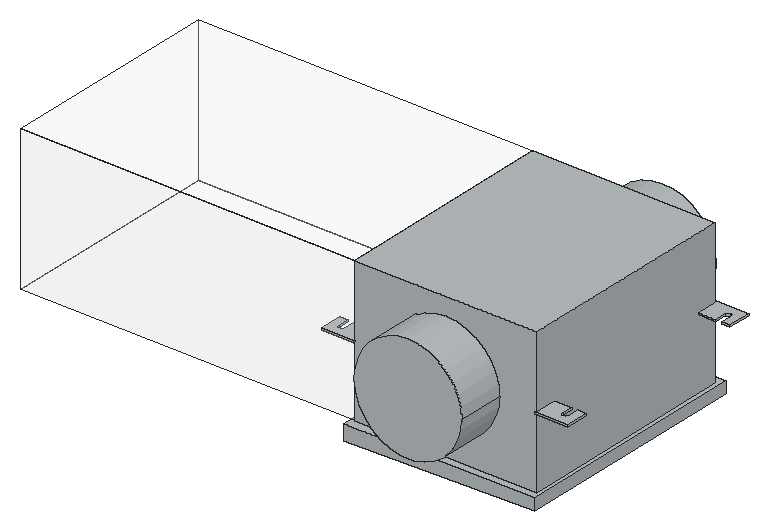
Revit family "8_天吊埋込タイプ 厨房用 単相100V_3相200V", category 機械設備, Revit 2019
Family settings
  丸型コネクタ寸法 = 直径を使用
  パーツ タイプ = 割り込み
  OmniClass 番号 = 23.75.35.17.24
  OmniClass タイトル = Axial Fans
  作業面ベース = いいえ
  常に垂直 = はい
  ロード時にボイドで切り取り = いいえ
  共有 = いいえ
  部屋計算ポイント = はい
Parameters (values of type "BFS-50SXA")
  騒音レベル(dB(A))_吸込 = 47
  騒音レベル(dB(A))_吐出 = 48.5
  騒音レベル(dB(A))_側面 = 29
  騒音レベル(dB(A)) = 48.5
  風量 [instance] = 設計風量  # 0.0 m³/h
  電源種別 [instance] = "一般"
  電圧 = 100 V
  電動機出力 = 55 W
  電動機_種別 [instance] = ""
  運転質量 = 0.00 kg
  連動 [instance] = ""
  質量 = if(製品質量 > 運転質量, 製品質量, 運転質量) * 1.2  # 14.40 kg
  負荷分類 = 3_ファン類
  説明 = "ストレートシロッコファン厨房用"
  設計風量 [instance] = 0.0 m³/h
  設置方法 = "天吊"
  記号 [instance] = ""
  製造元 = "三菱電機株式会社"
  製品質量 = 12.00 kg
  製品出荷対象 = "国内"
  製品リリース年月 = "2019年6月20日"
  製品グループ = ""
  系統 [instance] = ""
  符号 [instance] = if(☑給気／□排気, "FS", "FE")  # "FE"
  積算_科目 = "2 換気設備"
  積算_拾い区分 [instance] = ""
  相 = 1
  盤記号 [instance] = ""
  盤工事区分 = "電気工事"
  発停方法 [instance] = "別売スイッチ"
  番手 = "#1 1/4"
  特殊仕様 [instance] = ""
  火災停止 = ""
  消費電力 = 90 W
  法定耐用年数 = "15"
  機外静圧 [instance] = 0.0 Pa
  極数 = 2
  極 = 4
  材質 [instance] = ""
  本体マテリアル = SUS304
  操作・制御方式 = ""
  操作・制御スイッチ = ""
  排気量 [instance] = if(☑給気／□排気, 0.0 m³/h, 設計風量)  # 0.0 m³/h
  形式 = ""
  形名 = BFS-SXA : BFS-50SXA
  幹線記号 [instance] = ""
  対象室 [instance] = ""
  実風量 = 0.0 m³/h
  始動方式 [instance] = "直入"
  外気量 [instance] = if(☑給気／□排気, 設計風量, 0.0 m³/h)  # 0.0 m³/h
  呼称 = "消音ボックス付送風機"
  周波数 = 50 Hz
  天吊金具ピッチ幅 = 401 mm
  天吊金具ピッチ奥行 = 362 mm
  参照している仕様書等のバージョン = ""
  分類コード = "50052502100020"
  分類グループ = ""
  価格 = 141000
  企業コード = "108420"
  付属品_防振装置 = ""
  付属品 [instance] = ""
  仕様書バージョン = "Version1.0"
  モデル = "BFS-50SXA"
  ファンの種類 = "多翼形"
  ドレン管径 = 18 mm  # constant formula
  ダクト径 = 200 mm
  サービススペース = yes
  コメント [instance] = ""
  Keynote = ""
  ☑給気／□排気 [instance] = no
  Width = 325 mm
  Version = ""
  Uniclass2015Version = "Systems v1.9"
  Uniclass2015Title = "Centrifugal fans"
  Uniclass2015Code = "Pr_65_67_29_12"
  URL = "https://www.mitsubishielectric.co.jp/ldg/wink/ssl/displayProduct.do?pid=300937"
  SpecificationReference = ""
  SpecificationDescription = ""
  Revision = ""
  ProductInformation = ""
  OmniClassCode = "23-33 31 19 13 15"
  MIN風量 = 0.0 m³/h
  MIN静圧 = 0.0 Pa
  MID風量 = 0.0 m³/h
  MID静圧 = 0.0 Pa
  MAX風量 = 500.0 m³/h
  MAX静圧 = 148.0 Pa
  M = 85 mm
  IfcTypeProduct = ""
  IfcProduct = ""
  IfcExportType = "CENTRIFUGALFORWARDCURVED"
  IfcExportAs = "IfcFanType"
  Height = 258.4 mm
  Depth = 399 mm
  Clearance Top = 0 mm  # constant formula
  Clearance Right = 0 mm  # constant formula
  Clearance Left = 600 mm  # constant formula
  Clearance Front = 0 mm  # constant formula
  Clearance Bottom = 0 mm  # constant formula
  Clearance Back = 0 mm  # constant formula
  Author = "三菱電機株式会社"
Types (6, lengths in mm): name | 騒音レベル(dB(A))_吸込 | 騒音レベル(dB(A))_吐出 | 騒音レベル(dB(A))_側面 | 騒音レベル(dB(A)) | 電圧 | 電動機出力 | 質量 | 製品質量 | 相 | 番手 | 消費電力 | 極数 | 本体マテリアル | 形名 | 天吊金具ピッチ幅 | 天吊金具ピッチ奥行 | 価格 | モデル | ダクト径 | Width | URL | MAX風量 | MAX静圧 | Height | Depth
  BFS-50SXA | 47 | 48.5 | 29 | 48.5 | 100 V | 55 W | 14.40 kg | 12.00 kg | 1 | "#1 1/4" | 90 W | 2 | SUS304 | BFS-SXA : BFS-50SXA | 401 | 362 | 141000 | "BFS-50SXA" | 200 | 325 | "https://www.mitsubishielectric.co.jp/ldg/wink/ssl/displayProduct.do?pid=300937" | 500.0 m³/h | 148.0 Pa | 258.4 | 399
  BFS-80SXA | 48.5 | 54 | 32 | 54 | 100 V | 110 W | 17.40 kg | 14.50 kg | 1 | "#1 1/4" | 150 W | 2 | 溶融亜鉛めっき鋼板 | BFS-SXA : BFS-80SXA | 419 | 434 | 158000 | "BFS-80SXA" | 200 | 343 | "https://www.mitsubishielectric.co.jp/ldg/wink/ssl/displayProduct.do?pid=300939" | 800.0 m³/h | 148.0 Pa | 308.4 | 472
  BFS-100SXA | 54 | 58.5 | 36 | 58.5 | 100 V | 230 W | 21.60 kg | 18.00 kg | 1 | "#1 1/2" | 240 W | 2 | 溶融亜鉛めっき鋼板 | BFS-SXA : BFS-100SXA | 469 | 452 | 173000 | "BFS-100SXA" | 200 | 393 | "https://www.mitsubishielectric.co.jp/ldg/wink/ssl/displayProduct.do?pid=300929" | 1000.0 m³/h | 179.0 Pa | 308.4 | 490
  BFS-150SXA | 61.5 | 65 | 40.5 | 65 | 100 V | 330 W | 27.60 kg | 23.00 kg | 1 | "#1 1/2" | 390 W | 2 | 溶融亜鉛めっき鋼板 | BFS-SXA : BFS-150SXA | 452 | 504 | 197000 | "BFS-150SXA" | 250 | 376 | "https://www.mitsubishielectric.co.jp/ldg/wink/ssl/displayProduct.do?pid=300931" | 1500.0 m³/h | 190.0 Pa | 353.4 | 542
  BFS-150TXA | 61 | 65 | 39.5 | 65 | 200 V | 440 W | 27.60 kg | 23.00 kg | 3 | "#1 1/2" | 355 W | 3 | 溶融亜鉛めっき鋼板 | BFS-TXA : BFS-150TXA | 452 | 504 | 197000 | "BFS-150TXA" | 250 | 376 | "https://www.mitsubishielectric.co.jp/ldg/wink/ssl/displayProduct.do?pid=300933" | 1500.0 m³/h | 222.0 Pa | 353.4 | 542
  BFS-210TXA | 65.5 | 68 | 44 | 68 | 200 V | 530 W | 29.40 kg | 24.50 kg | 3 | "#1 1/2" | 580 W | 3 | 溶融亜鉛めっき鋼板 | BFS-TXA : BFS-210TXA | 502 | 534 | 278000 | "BFS-210TXA" | 300 | 426 | "https://www.mitsubishielectric.co.jp/ldg/wink/ssl/displayProduct.do?pid=300934" | 2100.0 m³/h | 222.0 Pa | 353.4 | 572
Reference planes
  plane 1 "中心(正面/背面)": y = 0
  plane 2: z = 0
  plane 3 "中心(左/右)": x = -128
  plane 4 "左": x = -290.5
  plane 5 "右": x = 34.5
  plane 6 "背面": y = 199.5
  plane 7 "正面": y = -199.5
  plane 8: z = 129.2
  plane 9: y = 181
  plane 10: y = -181
  plane 11: x = 72.5
  plane 12: x = -328.5
  plane 13: z = -129.2
  plane 14: y = 199.5
  plane 15: y = -199.5
  plane 16: x = 34.5
  plane 17: x = -890.5
  plane 18: z = 129.2
  plane 19: z = -129.2
Dimensions and locks
  "Width": plane 4 "左" to plane 5 "右"
  equal spacing: plane 7 "正面", plane 1 "中心(正面/背面)", plane 6 "背面"
  "Depth": plane 7 "正面" to plane 6 "背面"
  equal spacing: plane 8, level, plane 13
  "Height": plane 8 to plane 13
  equal spacing: plane 10, plane 1 "中心(正面/背面)", plane 9
  "天吊金具ピッチ奥行": plane 10 to plane 9
  "天吊金具ピッチ幅": plane 12 to plane 11
  "Clearance Back": plane 6 "背面" to plane 14
  "Clearance Front": plane 15 to plane 7 "正面"
  "Clearance Right": plane 5 "右" to plane 16
  "Clearance Left": plane 17 to plane 4 "左"
  "Clearance Top": plane 18 to plane 8
  "Clearance Bottom": plane 13 to plane 19
  equal spacing: plane 12, plane 3 "中心(左/右)", plane 11
  equal spacing: plane 4 "左", plane 3 "中心(左/右)", plane 5 "右"
  aligned and locked: level to plane 2
  aligned and locked: nested 2 to plane 9
  aligned and locked: plane 10 to nested 2
  aligned and locked: plane 12 to nested 2
  aligned and locked: plane 11 to nested 2
  aligned and locked: plane 8 to nested 1
  aligned and locked: plane 17 to nested 3
  aligned and locked: plane 15 to nested 3
  aligned and locked: plane 18 to nested 3
  aligned and locked: plane 19 to nested 3
  aligned and locked: plane 1 "中心(正面/背面)" to nested 1
  aligned and locked: nested 1 to plane 3 "中心(左/右)"
  aligned and locked: plane 14 to nested 3
  aligned and locked: plane 4 "左" to nested 3
Nested families
  nested 1: "BFS-SXA" at (-128, 0, -129.2) x (0, -1, 0) z (0, 0, 1), type <- "形名", type "BFS-50SXA"
  nested 2: "固定点" at (-328.5, -181, 0), type "固定点"
    with W 401 mm, D 362 mm
  nested 3: "サービススペース" at (-590.5, 0, 0), visible <- "サービススペース", type "サービススペース"
    with Width 600 mm, Height 258.4 mm, Depth 399 mm
Connectors
  electrical at (-350.6, -95, -43.2), driven by "極数", driven by "負荷分類", driven by "電圧", driven by "消費電力"
    settings: on nested 1, index 1, voltage 100 V, apparent load 90 VA, apparent load phase1 0 VA, apparent load phase2 0 VA, apparent load phase3 0 VA, power factor 1, load classification "3_ファン類", number of poles 2, system type 30, power factor state 1, is connector primary yes, connector utility no, sub classification motor no, connector description ""
  hvac at (-128, -284.5, 1.2), driven by "ダクト径", driven by "機外静圧", driven by "風量"
    settings: on nested 1, index 2, duct flow 0.0 m³/h, flow factor 0, pres drop 0.0 Pa, loss coef 0, conn angle 0.00°, conn width 304.8 mm, conn height 304.8 mm, conn diameter 200 mm, duct sys type 29, conn prof type 0, flow config 0, flow direction 2, loss method 4, conn ref index -1, conn util no, is conn primary yes, conn desc "Out"
  hvac at (-128, 284.5, 1.2), driven by "ダクト径", driven by "機外静圧", driven by "風量"
    settings: on nested 1, index 3, duct flow 0.0 m³/h, flow factor 0, pres drop 0.0 Pa, loss coef 0, conn angle 0.00°, conn width 304.8 mm, conn height 304.8 mm, conn diameter 200 mm, duct sys type 29, conn prof type 0, flow config 0, flow direction 1, loss method 4, conn ref index -1, conn util no, is conn primary no, conn desc "In"
  piping at (-284, 0, -182.8), diameter 18, driven by "ドレン管径"
    settings: on nested 1, index 4, connector inside diameter 609.6 mm, connector length 0 mm, flow factor 0, pipe flow 0.0 L/s, pressure drop 0.0 Pa, fitting loss kfactor 0, connector angle 0.00°, fixture units 0, engagement length 0 mm, angle of deflection 0.00°, flow configuration 1, flow direction 2, fitting loss method 4, system type 16, joint type 0, gender type 0, connector reference index -1, connector utility 0, adjustable connector no, is connector primary yes, connector description ""
Definition of nested family "BFS-SXA"
  Parameters (values of type "BFS-50SXA")
    端子カバー高 = 94.4 mm
    端子カバー手前位置 = 69.2 mm
    端子カバー幅 = 51.1 mm  # constant formula
    端子カバー奥行 = 140 mm  # constant formula
    端子カバー上位置 = 122.8 mm
    吊りボルト-φ = 11 mm
    吊りボルト-W2 = 41 mm
    吊りボルト-W1 = 362 mm
    吊りボルト-D2 = 441 mm
    吊りボルト-D1 = 401 mm
    マテリアル = none
    ダクト位置高 = 128 mm
    φ = 192 mm
    w1 = 428 mm
    d1 = 342 mm
    b = 280 mm
    a = 85 mm
    W = 399 mm
    H = 258.4 mm
    D = 325 mm
  Types (4, lengths in mm): name | 端子カバー高 | 端子カバー手前位置 | 端子カバー上位置 | 吊りボルト-W1 | 吊りボルト-D2 | 吊りボルト-D1 | ダクト位置高 | φ | w1 | d1 | W | H | D
    BFS-50SXA | 94.4 | 69.2 | 122.8 | 362 | 441 | 401 | 128 | 192 | 428 | 342 | 399 | 258.4 | 325
    BFS-80SXA | 90 | 71 | 152.4 | 434 | 459 | 419 | 153 | 192 | 501 | 360 | 472 | 308.4 | 343
    BFS-100SXA | 90 | 71.1 | 152.4 | 452 | 509 | 469 | 153 | 192 | 519 | 410 | 490 | 308.4 | 393
    BFS-150SXA | 90 | 88.2 | 60.5 | 504 | 492 | 452 | 175 | 242 | 571 | 393 | 542 | 353.4 | 376
  Reference planes
    plane 1 "中心(正面/背面)": y = 0
    plane 2: z = 0
    plane 3 "中心(左/右)": x = 0
    plane 4: y = 162.5
    plane 5: y = 200.5
    plane 6: y = 220.5
    plane 7: y = -162.5
    plane 8: y = -200.5
    plane 9: y = -220.5
    plane 10: x = -199.5
    plane 11: x = -181
    plane 12: x = -202.5
    plane 13: x = 199.5
    plane 14: x = 181
    plane 15: x = 202.5
    plane 16: z = 258.4
    plane 17: x = -149.7
    plane 18: x = 130.3
    plane 19: x = 284.5
    plane 20: x = -284.5
    plane 21: z = 130.4
    plane 22: z = 127.4
    plane 23: z = 89.4
    plane 24: x = -161.5
    plane 25: z = 112.4
    plane 26: x = 161.5
    plane 27: y = 165.5
    plane 28: x = -9.7
    plane 29: z = 135.6
    plane 30: z = 41.2
    plane 31: y = -213.6
    plane 32: y = 171
    plane 33: y = -171
    plane 34: x = -214
    plane 35: x = 214
    plane 36: z = -20
    plane 37: z = -28.6
    plane 38: z = -53.6
    plane 39: y = -156
  Forms (mm)
    Extrusion 1, solid, material <- "マテリアル", detail levels fine
      sketch origin (0, 0, 0) x (1, 0, 0) y (0, 1, 0)
        loop
          line (-199.5, 162.5) -> (-199.5, -162.5) -> (199.5, -162.5) -> (199.5, 162.5) -> (-199.5, 162.5)
      from 0 to 258.4
    Extrusion 2, solid, material <- "マテリアル", detail levels fine
      sketch origin (0, 0, 0) x (1, 0, 0) y (0, 1, 0)
        loop
          line (-202.5, -162.5) -> (-202.5, -220.5) -> (-161.5, -220.5) -> (-161.5, -206) -> (-181, -206)
          arc (-181, -206) -> (-186.5, -200.5) -> (-181, -195) r 5.5
          line (-181, -195) -> (-161.5, -195) -> (-161.5, -162.5) -> (-202.5, -162.5)
      from 127.4 to 130.4
    Extrusion 3, solid, material <- "マテリアル", detail levels fine
      sketch origin (0, 0, 0) x (1, 0, 0) y (0, 1, 0)
        loop
          line (-202.5, 162.5) -> (-161.5, 162.5) -> (-161.5, 195) -> (-181, 195)
          arc (-181, 195) -> (-186.5, 200.5) -> (-181, 206) r 5.5
          line (-181, 206) -> (-161.5, 206) -> (-161.5, 220.5) -> (-202.5, 220.5) -> (-202.5, 162.5)
      from 127.4 to 130.4
    Extrusion 4, solid, material <- "マテリアル", detail levels fine
      sketch origin (0, 0, 0) x (-1, 0, 0) y (0, -1, 0)
        loop
          line (-202.5, -162.5) -> (-202.5, -220.5) -> (-161.5, -220.5) -> (-161.5, -206) -> (-181, -206)
          arc (-181, -206) -> (-186.5, -200.5) -> (-181, -195) r 5.5
          line (-181, -195) -> (-161.5, -195) -> (-161.5, -162.5) -> (-202.5, -162.5)
      from 127.4 to 130.4
    Extrusion 5, solid, material <- "マテリアル", detail levels fine
      sketch origin (0, 0, 0) x (-1, 0, 0) y (0, -1, 0)
        loop
          line (-202.5, 162.5) -> (-161.5, 162.5) -> (-161.5, 195) -> (-181, 195)
          arc (-181, 195) -> (-186.5, 200.5) -> (-181, 206) r 5.5
          line (-181, 206) -> (-161.5, 206) -> (-161.5, 220.5) -> (-202.5, 220.5) -> (-202.5, 162.5)
      from 127.4 to 130.4
    Extrusion 6, solid, material <- "マテリアル", detail levels fine
      sketch origin (0, 0, 0) x (0, 1, 0) y (0, 0, 1)
        loop
          circle (0, 130.4) r 96
      from -199.5 to -284.5
    Extrusion 7, solid, material <- "マテリアル", detail levels fine
      sketch origin (0, 0, 0) x (0, 1, 0) y (0, 0, -1)
        loop
          circle (0, -130.4) r 96
      from -199.5 to -284.5
    Extrusion 8, solid, material <- "マテリアル", detail levels fine
      sketch origin (0, 0, 0) x (1, 0, 0) y (0, 0, 1)
        loop
          line (130.3, 135.6) -> (-9.7, 135.6) -> (-9.7, 41.2) -> (130.3, 41.2) -> (130.3, 135.6)
      from 162.5 to 213.6
    Extrusion 9, solid, material <- "マテリアル", detail levels fine
      sketch origin (0, 0, 0) x (0, 1, 0) y (0, 0, 1)
        loop
          line (-171, -28.6) -> (171, -20) -> (171, 0) -> (-171, 0) -> (-171, -28.6)
      from -214 to 214
    Extrusion 10, solid, material <- "マテリアル", detail levels fine
      sketch origin (0, 0, 0) x (1, 0, 0) y (0, 1, 0)
        loop
          circle (0, -156) r 9
      from -53.6 to -28.6
  Dimensions and locks
    plane 12 to plane 15 = 405 mm
    "吊りボルト-W1": plane 11 to plane 14
    "W": plane 10 to plane 13
    "吊りボルト-D2": plane 9 to plane 6
    "吊りボルト-D1": plane 8 to plane 5
    "D": plane 7 to plane 4
    equal spacing: plane 7, plane 1 "中心(正面/背面)", plane 4
    equal spacing: plane 10, plane 3 "中心(左/右)", plane 13
    "H": plane 16 to level
    locked: plane 13 to plane 15 at 3
    locked: plane 12 to plane 10 at 3
    locked: plane 21 to plane 22 at 3
    locked: plane 21 to plane 23 at 41
    "吊りボルト-W2": plane 12 to plane 24
    locked: plane 22 to plane 25 at 15
    "吊りボルト-W2": plane 26 to plane 15
    locked: plane 27 to plane 4 at 3
    "a": plane 20 to plane 10
    "a": plane 13 to plane 19
    "端子カバー手前位置": plane 13 to plane 18
    "b": plane 18 to plane 17
    "端子カバー奥行": plane 18 to plane 28
    "端子カバー高": plane 29 to plane 30
    "端子カバー幅": plane 31 to plane 7
    equal spacing: plane 33, plane 1 "中心(正面/背面)", plane 32
    "d1": plane 33 to plane 32
    "w1": plane 34 to plane 35
    equal spacing: plane 34, plane 3 "中心(左/右)", plane 35
    locked: level to plane 36 at 20
    locked: level to plane 37 at 28.6
    locked: plane 37 to plane 38 at 25
    plane 33 to plane 32 = 342 mm
    locked: plane 33 to plane 39 at 15
    equal spacing: plane 11, plane 3 "中心(左/右)", plane 14
    equal spacing: plane 9, plane 1 "中心(正面/背面)", plane 6
    equal spacing: plane 8, plane 1 "中心(正面/背面)", plane 5
    "端子カバー上位置": plane 16 to plane 29
    "ダクト位置高": plane 16 to plane 21
    "φ": diameter of Extrusion 6 sketch curve
    "φ": diameter of Extrusion 7 sketch curve
    radius of Extrusion 10 sketch curve = 9 mm
    aligned and locked: level to plane 2
    aligned and locked: plane 4 to Extrusion 1 sketch curve
    aligned and locked: plane 10 to Extrusion 1 sketch curve
    aligned and locked: Extrusion 1 sketch curve to plane 7
    aligned and locked: Extrusion 1 sketch curve to plane 13
    aligned and locked: plane 16 to Extrusion 1
    aligned and locked: plane 7 to Extrusion 2 sketch curve
    aligned and locked: plane 12 to Extrusion 2 sketch curve
    aligned and locked: Extrusion 2 sketch curve to plane 9
    aligned and locked: Extrusion 2 sketch curve to plane 24  (x2)
    aligned and locked: plane 11 to Extrusion 2 sketch curve
    aligned and locked: plane 8 to Extrusion 2 sketch curve
    aligned and locked: plane 21 to Extrusion 2
    aligned and locked: Extrusion 2 to plane 22
    aligned and locked: plane 24 to Extrusion 3 sketch curve  (x2)
    aligned and locked: plane 5 to Extrusion 3 sketch curve
    aligned and locked: plane 11 to Extrusion 3 sketch curve
    aligned and locked: Extrusion 3 sketch curve to plane 6
    aligned and locked: Extrusion 3 sketch curve to plane 12
    aligned and locked: plane 4 to Extrusion 3 sketch curve
    aligned and locked: plane 21 to Extrusion 3
    aligned and locked: Extrusion 3 to plane 22
    aligned and locked: Extrusion 4 to plane 6
    aligned and locked: plane 15 to Extrusion 4
    aligned and locked: Extrusion 4 to plane 26
    aligned and locked: plane 26 to Extrusion 4 sketch curve  (x2)
    aligned and locked: plane 6 to Extrusion 4 sketch curve
    aligned and locked: Extrusion 4 sketch curve to plane 15
    aligned and locked: plane 5 to Extrusion 4 sketch curve
    aligned and locked: plane 14 to Extrusion 4 sketch curve
    aligned and locked: Extrusion 4 sketch curve to plane 4
    aligned and locked: Extrusion 4 to plane 22
    aligned and locked: plane 21 to Extrusion 4
    aligned and locked: plane 9 to Extrusion 5 sketch curve
    aligned and locked: plane 15 to Extrusion 5 sketch curve
    aligned and locked: Extrusion 5 sketch curve to plane 7
    aligned and locked: Extrusion 5 sketch curve to plane 26  (x2)
    aligned and locked: plane 14 to Extrusion 5 sketch curve
    aligned and locked: plane 8 to Extrusion 5 sketch curve
    aligned and locked: Extrusion 5 to plane 22
    aligned and locked: plane 21 to Extrusion 5
    aligned and locked: plane 1 "中心(正面/背面)" to Extrusion 6 sketch curve
    aligned and locked: plane 21 to Extrusion 6 sketch curve
    aligned and locked: Extrusion 6 to plane 20
    aligned and locked: plane 21 to Extrusion 7 sketch curve
    aligned and locked: plane 1 "中心(正面/背面)" to Extrusion 7 sketch curve
    aligned and locked: plane 19 to Extrusion 7
    aligned and locked: plane 29 to Extrusion 8 sketch curve
    aligned and locked: plane 18 to Extrusion 8 sketch curve
    aligned and locked: Extrusion 8 sketch curve to plane 30
    aligned and locked: Extrusion 8 sketch curve to plane 28
    aligned and locked: Extrusion 8 to plane 7
    aligned and locked: Extrusion 9 sketch curve to plane 33
    aligned and locked: Extrusion 9 sketch curve to level
    aligned and locked: Extrusion 9 sketch curve to plane 32
    aligned and locked: plane 35 to Extrusion 9
    aligned and locked: Extrusion 9 to plane 34
    aligned and locked: plane 39 to Extrusion 10 sketch curve
    aligned and locked: plane 3 "中心(左/右)" to Extrusion 10 sketch curve
    aligned and locked: Extrusion 10 to plane 38
    aligned and locked: plane 31 to Extrusion 8
    aligned and locked: Extrusion 7 to plane 13
    aligned and locked: plane 10 to Extrusion 6
    aligned and locked: plane 37 to Extrusion 10
  Automatic sketch dimensions
    Extrusion 2 sketch curve to plane 11 = 0 mm
    plane 8 to Extrusion 2 sketch curve = 5.5 mm
    Extrusion 3 sketch curve to plane 11 = 0 mm
    plane 5 to Extrusion 3 sketch curve = 5.5 mm
    Extrusion 4 sketch curve to plane 14 = 0 mm
    Extrusion 4 sketch curve to plane 5 = 5.5 mm
    Extrusion 5 sketch curve to plane 14 = 0 mm
    Extrusion 5 sketch curve to plane 8 = 5.5 mm
    Extrusion 9 sketch curve to plane 37 = 0 mm
    Extrusion 9 sketch curve to plane 36 = 0 mm
Definition of nested family "サービススペース"
  Parameters (values of type "サービススペース")
    Width [instance] = 500 mm
    Height [instance] = 500 mm
    Depth [instance] = 500 mm
  Reference planes
    plane 1 "中心(正面/背面)": y = 0
    plane 2: z = 0
    plane 3 "中心(左/右)": x = 0
    plane 4: y = -250
    plane 5: x = 250
    plane 6: y = 250
    plane 7: x = -250
    plane 8: z = 250
    plane 9: z = -250
  Forms (mm)
    Extrusion 1, solid
      sketch origin (-638.939, 0, 72.39) x (1, 0, 0) y (0, 1, 0)
        loop
          line (388.939, 250) -> (388.939, -250) -> (888.939, -250) -> (888.939, 250) -> (388.939, 250)
      from -322.39 to 177.61
  Lines and regions (mm)
    symbolic lines
      curve 1: line (-250, 0, 250) -> (250, 0, 250)
      curve 2: line (-250, 0, -250) -> (-250, 0, 250)
      curve 3: line (250, 0, -250) -> (-250, 0, -250)
      curve 4: line (250, 0, 250) -> (250, 0, -250)
      curve 5: line (0, -250, 250) -> (0, 250, 250)
      curve 6: line (0, -250, -250) -> (0, -250, 250)
      curve 7: line (0, 250, -250) -> (0, -250, -250)
      curve 8: line (0, 250, 250) -> (0, 250, -250)
      curve 9: line (-250, 250, 0) -> (250, 250, 0)
      curve 10: line (-250, -250, 0) -> (-250, 250, 0)
      curve 11: line (250, -250, 0) -> (-250, -250, 0)
      curve 12: line (250, 250, 0) -> (250, -250, 0)
  Dimensions and locks
    equal spacing: plane 7, plane 3 "中心(左/右)", plane 5
    equal spacing: plane 4, plane 1 "中心(正面/背面)", plane 6
    "Depth": plane 4 to plane 6
    "Width": plane 7 to plane 5
    equal spacing: plane 8, plane 2, plane 9
    "Height": plane 8 to plane 9
    aligned and locked: plane 9 to curve 3
    aligned and locked: plane 7 to curve 2
    aligned and locked: curve 4 to plane 5
    aligned and locked: plane 5 to Extrusion 1
    aligned and locked: Extrusion 1 to plane 7
    aligned and locked: Extrusion 1 to plane 9
    aligned and locked: plane 8 to Extrusion 1
    aligned and locked: plane 9 to curve 7
  Automatic sketch dimensions
    plane 4 to Extrusion 1 sketch curve = 0 mm
    Extrusion 1 sketch curve to plane 7 = 0 mm
    Extrusion 1 sketch curve to plane 5 = 0 mm
    plane 6 to Extrusion 1 sketch curve = 0 mm
    curve 2 to plane 8 = 0 mm
    plane 4 to curve 11 = 0 mm
    curve 11 to plane 7 = 0 mm
    curve 11 to plane 5 = 0 mm
    plane 6 to curve 10 = 0 mm
    curve 7 to plane 4 = 0 mm
    curve 7 to plane 6 = 0 mm
    curve 6 to plane 8 = 0 mm
Definition of nested family "固定点"
  Parameters (values of type "固定点")
    中心円 = 11 mm
    W [instance] = 1000 mm
    D [instance] = 1000 mm
  Reference planes
    plane 1 "中心(正面/背面)": y = 0
    plane 2: z = 0
    plane 3 "中心(左/右)": x = 0
    plane 4: x = 1000
    plane 5: y = 1000
  Lines and regions (mm)
    symbolic lines, detail levels fine
      curve 1: circle (0, 1000, 0) r 5.5 normal (0, 0, 1)
      curve 2: circle (0, 0, 0) r 5.5 normal (0, 0, 1)
      curve 3: circle (1000, 1000, 0) r 5.5 normal (0, 0, 1)
      curve 4: circle (1000, 0, 0) r 5.5 normal (0, 0, 1)
      curve 5: line (-200, 1000, 0) -> (1200, 1000, 0)
      curve 6: line (-200, 0, 0) -> (1200, 0, 0)
      curve 7: line (0, 1200, 0) -> (0, -200, 0)
      curve 8: line (1000, 1200, 0) -> (1000, -200, 0)
  Dimensions and locks
    "W": plane 3 "中心(左/右)" to plane 4
    "D": plane 1 "中心(正面/背面)" to plane 5
    "中心円": diameter of curve 1
    "中心円": diameter of curve 2
    "中心円": diameter of curve 3
    "中心円": diameter of curve 4
    aligned and locked: level to plane 2
    aligned and locked: plane 5 to curve 1
    aligned and locked: plane 3 "中心(左/右)" to curve 1
    aligned and locked: plane 3 "中心(左/右)" to curve 2
    aligned and locked: plane 1 "中心(正面/背面)" to curve 2
    aligned and locked: plane 4 to curve 3
    aligned and locked: plane 5 to curve 3
    aligned and locked: plane 1 "中心(正面/背面)" to curve 4
    aligned and locked: plane 4 to curve 4
    aligned and locked: plane 1 "中心(正面/背面)" to curve 6
    aligned and locked: curve 7 to plane 3 "中心(左/右)"
    aligned and locked: curve 8 to plane 4
  Automatic sketch dimensions
    curve 5 to plane 5 = 0 mm
    curve 6 to plane 3 "中心(左/右)" = 200 mm
    curve 5 to plane 3 "中心(左/右)" = 200 mm
    curve 4 to curve 6 = 200 mm
    curve 3 to curve 5 = 200 mm
    plane 1 "中心(正面/背面)" to curve 8 = 200 mm
    plane 1 "中心(正面/背面)" to curve 7 = 200 mm
    curve 3 to curve 8 = 200 mm
    curve 1 to curve 7 = 200 mm
